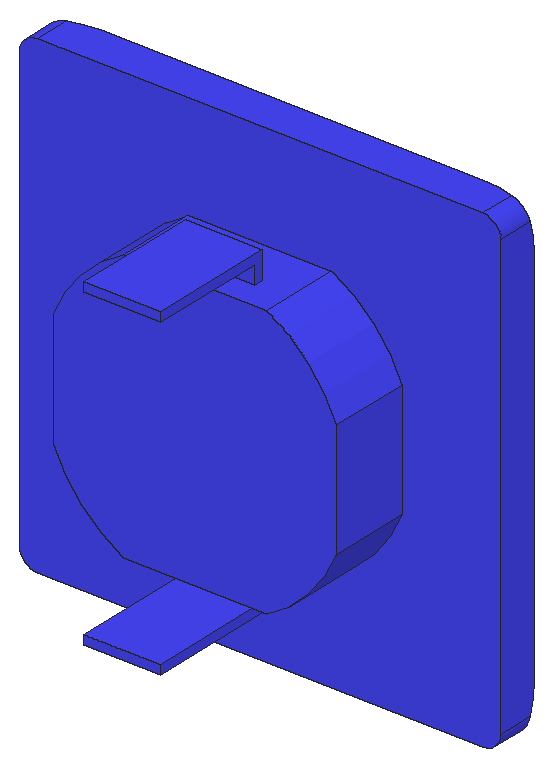
Revit family "IEK_РозеткаТелефонная_Встраиваемая_Одноместная IP20_ВЕГА", category Устройства связи, Revit 2019
Family settings
  Сохранять ориентацию аннотаций = Да
  Размер круглого соединителя = Использовать диаметр
  Тип детали = Нормальный
  На основе рабочей плоскости = Нет
  Всегда вертикально = Да
  При загрузке вырезать с полостями = Нет
  Общий = Нет
  Точка расчета площади = Нет
Parameters (values of type "РТ10-ВБ RJ11")
  Ширина = 81.5 mm  # constant formula
  Тип монтажа = "Встраиваемый"  # constant formula
  Степень защиты = "IP20"  # constant formula
  Изготовитель = "IEK"  # constant formula
  Дата изменения = ""
  Глубина = 42.2 mm  # constant formula
  Высота = 81 mm  # constant formula
  ΔХ [instance] = 2000 mm
  ΔY [instance] = 2000 mm
  KSI_CPr_Строительные изделия = ""
  KSI_CMa_Строительные материалы = "01.7.14.03"  # constant formula
  IEK_Цена за единицу = 110.75
  IEK_Поиск в таблице имен = ""
  IEK_Описание = "Электроустановочные изделия серии \"ВЕГА\" IEK включают в себя розетки и выключатели для скрытого монтажа, которые хорошо впишутся в любой интерьер квартир, загородных домов, офисных и производственных помещений."
  IEK_URL = "https://www.iek.ru/products/catalog/izdeliya_elektroustanovochnye_udliniteli_i_silovye_razemy/elektroustanovochnye_izdeliya/elektroustanovochnye_izdeliya_skrytogo_montazha/elektroustanovochnye_izdeliya_vega/rozetka_1_mestnaya_telefonnaya_rt10_vb_rj11_vega_belyy_iek"
  ADSK_Примечание = ""
  ADSK_Позиция [instance] = ""
  ADSK_Наименование = "Розетка 1-местная телефонная РТ10-ВБ RJ11 ВЕГА белый IEK"
  ADSK_Материал обозначение = ""
  ADSK_Материал наименование = "АБС-пластик"  # constant formula
  ADSK_Материал = Цвет белый
  ADSK_Масса = 0.041
  ADSK_Марка = "ВЕГА"  # constant formula
  ADSK_Код изделия = "ETV10-K01-DM"
  ADSK_Завод-изготовитель = "IEK"  # constant formula
  ADSK_Единица измерения = "шт"  # constant formula
  ADSK_Группирование = ""
  ADSK_Версия семейства = "1.00"  # constant formula
  ADSK_Версия Revit = "2019"  # constant formula
  ADSK_URL страницы изделия = "https://www.iek.ru/products/catalog/izdeliya_elektroustanovochnye_udliniteli_i_silovye_razemy/elektroustanovochnye_izdeliya/elektroustanovochnye_izdeliya_skrytogo_montazha/elektroustanovochnye_izdeliya_vega/?pagec=100"
Reference planes
  plane 1 "По центру (Вперед/Назад)": y = 0
  plane 2: z = 0
  plane 3 "По центру (Влево/Вправо)": x = 0
  plane 4 "Высота ножек": z = 280
  plane 5 "Высота": z = 2081.496
  plane 6: x = -2000
  plane 7: y = 2000
Forms (mm)
  Extrusion 1, solid, material "Цвет белый" <- "ADSK_Материал", detail levels fine
    sketch origin (0, 0, 40.187) x (-1, 0, 0) y (0, 0, 1)
      loop
        arc (-12.124, 23) -> (-19.255, 17.479) -> (-24, 9.811) r 25.342
        line (-24, 9.811) -> (-24, -9.811)
        arc (-24, -9.811) -> (-19.255, -17.479) -> (-12.124, -23) r 25.342
        line (-12.124, -23) -> (12.124, -23)
        arc (12.124, -23) -> (19.255, -17.479) -> (24, -9.811) r 25.342
        line (24, -9.811) -> (24, 9.811)
        arc (24, 9.811) -> (19.255, 17.479) -> (12.124, 23) r 25.342
        line (12.124, 23) -> (-12.124, 23)
    from 0 to -13.704
  Extrusion 2, solid, material "Цвет белый" <- "ADSK_Материал", detail levels fine
    sketch origin (0, 0, 40.187) x (-1, 0, 0) y (0, 0, 1)
      loop
        arc (-37.75, 40.813) -> (-39.871, 39.934) -> (-40.75, 37.813) r 3
        line (-40.75, 37.813) -> (-40.75, -37.25)
        arc (-40.75, -37.25) -> (-39.871, -39.371) -> (-37.75, -40.25) r 3
        line (-37.75, -40.25) -> (37.75, -40.25)
        arc (37.75, -40.25) -> (39.871, -39.371) -> (40.75, -37.25) r 3
        line (40.75, -37.25) -> (40.75, 37.813)
        arc (40.75, 37.813) -> (39.871, 39.934) -> (37.75, 40.813) r 3
        line (37.75, 40.813) -> (-37.75, 40.813)
    from 0 to 10
  Extrusion 3, void
    sketch origin (0, 0, 40.187) x (-1, 0, 0) y (0, 0, 1)
      loop
        line (5, -2.5) -> (5, 2.5) -> (3.46, 2.5) -> (3.46, 4.216) -> (1.531, 4.216) -> (1.531, 5.786) -> (0, 5.786) -> (-1.531, 5.786) -> (-1.531, 4.216) -> (-3.46, 4.216) -> (-3.46, 2.5) -> (-5, 2.5) -> (-5, -2.5) -> (5, -2.5)
    from 5 to 11.9
  Extrusion 4, solid, material "Цвет белый" <- "ADSK_Материал", detail levels fine
    sketch origin (-40.3, 9.274, 40.3) x (0, 0, -1) y (0, 1, 0)
      loop
        line (23.113, -17) -> (23.113, -18.5) -> (26, -18.5) -> (26, -38.474) -> (27.5, -38.474) -> (27.5, -17) -> (23.113, -17)
      loop
        line (-22.887, -17) -> (-27.5, -17) -> (-27.5, -38.474) -> (-26, -38.474) -> (-26, -18.5) -> (-22.887, -18.5) -> (-22.887, -17)
    from 33.8 to 46.8
  Extrusion 5, solid, material "Условный материал-отделка", detail levels coarse
    sketch origin (0, 0, 0) x (1, 0, 0) y (0, 1, 0)
      loop
        line (-40.75, 13) -> (-40.75, -29.2) -> (40.75, -29.2) -> (40.75, 13) -> (-40.75, 13)
    from 0 to 81
  Extrusion 6, solid, material "Условный материал-отделка", detail levels medium
    sketch origin (0, 1.1, 0) x (1, 0, 0) y (0, 1, 0)
      loop
        line (-40.75, 11.9) -> (-40.75, -30.3) -> (40.75, -30.3) -> (40.75, 11.9) -> (-40.75, 11.9)
    from 0 to 81
  Sweep 7, void
    path origin (0, 0, 0) x (1, 0, 0) y (0, 0, 1)
      loop
        line (32.71, 76) -> (-32.71, 76)
        arc (-32.71, 76) -> (-34.86, 75.11) -> (-35.75, 72.96) r 3.04
        line (-35.75, 72.96) -> (-35.75, 7.977)
        arc (-35.75, 7.977) -> (-34.86, 5.828) -> (-32.71, 4.937) r 3.04
        line (-32.71, 4.937) -> (32.71, 4.937)
        arc (32.71, 4.937) -> (34.86, 5.828) -> (35.75, 7.977) r 3.04
        line (35.75, 7.977) -> (35.75, 72.96)
        arc (35.75, 72.96) -> (34.86, 75.11) -> (32.71, 76) r 3.04
    profile origin (34.86, 0, 75.11) x (0.707107, 0, 0.707107) y (0, -1, 0)
      loop
        line (8.33, -5) -> (0, -10) -> (8.33, -10) -> (8.33, -5)
  Sweep 8, solid, material "Цвет белый" <- "ADSK_Материал", detail levels fine
    path origin (0, 0, 0) x (1, 0, 0) y (0, 0, 1)
      loop
        line (19, 63.187) -> (-19, 63.187)
        arc (-19, 63.187) -> (-22.536, 61.723) -> (-24, 58.187) r 5
        line (-24, 58.187) -> (-24, 22.187)
        arc (-24, 22.187) -> (-22.536, 18.652) -> (-19, 17.187) r 5
        line (-19, 17.187) -> (19, 17.187)
        arc (19, 17.187) -> (22.536, 18.652) -> (24, 22.187) r 5
        line (24, 22.187) -> (24, 58.187)
        arc (24, 58.187) -> (22.536, 61.723) -> (19, 63.187) r 5
    profile origin (0, 0, 63.187) x (0, 0, -1) y (0, -1, 0)
      loop
        line (0, -13) -> (0, -6.999) -> (-9.773, -6.999) -> (0, -13)
Cuts and joins
  Extrusion 3, Sweep 7 cuts Extrusion 2
Lines and regions (mm)
  reference lines
    curve 1: line (0, 32.62, 0) -> (0, -67.38, 0)
    curve 2: line (-40.265, 0, 0) -> (99.735, 0, 0)
Dimensions and locks
  locked: plane 4 "Высота ножек" to plane 2 at 280
  plane 5 "Высота" to plane 4 "Высота ножек" = 1801.496 mm
  "ΔХ": plane 6 to curve 1
  "ΔY": plane 7 to curve 2
  aligned and locked: level to plane 2
  aligned and locked: nested 1 to curve 1
  aligned and locked: curve 2 to nested 1
  aligned and locked: Extrusion 5 to Extrusion 6  (x2)
Automatic sketch dimensions
  plane 3 "По центру (Влево/Вправо)" to Extrusion 1 sketch curve = 24 mm
  plane 3 "По центру (Влево/Вправо)" to Extrusion 1 sketch curve = 12.124 mm  (x2)
  plane 3 "По центру (Влево/Вправо)" to Extrusion 1 sketch curve = 0.422 mm  (x2)
  Extrusion 1 sketch curve to plane 3 "По центру (Влево/Вправо)" = 0.422 mm  (x2)
  Extrusion 1 sketch curve to plane 3 "По центру (Влево/Вправо)" = 12.124 mm  (x2)
  Extrusion 1 sketch curve to Extrusion 1 sketch curve = 11.876 mm
  level to Extrusion 1 sketch curve = 17.187 mm
  Extrusion 1 sketch curve to Extrusion 1 sketch curve = 13.189 mm  (x2)
  Extrusion 1 sketch curve to Extrusion 1 sketch curve = 1.043 mm
  Extrusion 1 sketch curve to Extrusion 1 sketch curve = 0 mm
  Extrusion 1 sketch curve to Extrusion 1 sketch curve = 19.622 mm
  Extrusion 5 sketch curve to plane 3 "По центру (Влево/Вправо)" = 40.75 mm
  plane 3 "По центру (Влево/Вправо)" to Extrusion 5 sketch curve = 40.75 mm
  plane 1 "По центру (Вперед/Назад)" to Extrusion 5 sketch curve = 29.2 mm
  Extrusion 5 sketch curve to plane 1 "По центру (Вперед/Назад)" = 13 mm
  Extrusion 6 sketch curve to plane 3 "По центру (Влево/Вправо)" = 40.75 mm
  plane 3 "По центру (Влево/Вправо)" to Extrusion 6 sketch curve = 40.75 mm
  plane 1 "По центру (Вперед/Назад)" to Extrusion 6 sketch curve = 29.2 mm
  Extrusion 6 sketch curve to plane 1 "По центру (Вперед/Назад)" = 13 mm
  plane 1 "По центру (Вперед/Назад)" to Extrusion 4 sketch curve = 7.726 mm  (x2)
  level to Extrusion 4 sketch curve = 67.8 mm
  Extrusion 4 sketch curve to Extrusion 4 sketch curve = 1.5 mm  (x4)
  Extrusion 4 sketch curve to Extrusion 4 sketch curve = 3.113 mm
  level to Extrusion 4 sketch curve = 17.187 mm
  Extrusion 4 sketch curve to Extrusion 4 sketch curve = 2.887 mm
  Extrusion 4 sketch curve to Extrusion 4 sketch curve = 19.974 mm  (x2)
  level to Extrusion 2 sketch curve = 2.937 mm
  plane 3 "По центру (Влево/Вправо)" to Extrusion 2 sketch curve = 40.75 mm
  Extrusion 2 sketch curve to level = 0.063 mm
  Extrusion 2 sketch curve to Extrusion 2 sketch curve = 3 mm  (x2)
  Extrusion 2 sketch curve to plane 3 "По центру (Влево/Вправо)" = 37.75 mm  (x2)
  Extrusion 2 sketch curve to Extrusion 2 sketch curve = 75.063 mm
  Sweep 7 sketch curve to plane 3 "По центру (Влево/Вправо)" = 35.75 mm
  Sweep 7 sketch curve to Sweep 7 sketch curve = 3.04 mm  (x3)
  level to Sweep 7 sketch curve = 7.977 mm
  plane 3 "По центру (Влево/Вправо)" to Sweep 7 sketch curve = 32.71 mm  (x2)
  Sweep 7 sketch curve to Sweep 7 sketch curve = 64.984 mm
  Sweep 7 sketch curve to profile plane = 0 mm
  Sweep 7 sketch curve to Sweep 7 sketch curve = 8.33 mm
  Sweep 7 sketch curve to plane 1 "По центру (Вперед/Назад)" = 10 mm
  Sweep 7 sketch curve to plane 1 "По центру (Вперед/Назад)" = 5 mm
  Sweep 8 sketch curve to plane 3 "По центру (Влево/Вправо)" = 24 mm
  Sweep 8 sketch curve to Sweep 8 sketch curve = 5 mm  (x3)
  plane 3 "По центру (Влево/Вправо)" to Sweep 8 sketch curve = 19 mm  (x2)
  level to Sweep 8 sketch curve = 17.187 mm
  Sweep 8 sketch curve to Sweep 8 sketch curve = 36 mm
  Sweep 8 sketch curve to profile plane = 0 mm
  Sweep 8 sketch curve to plane 1 "По центру (Вперед/Назад)" = 13 mm
  Sweep 8 sketch curve to Sweep 8 sketch curve = 6.001 mm
  profile plane to Sweep 8 sketch curve = 9.773 mm
  Extrusion 3 sketch curve to plane 3 "По центру (Влево/Вправо)" = 0 mm
  plane 3 "По центру (Влево/Вправо)" to Extrusion 3 sketch curve = 1.531 mm
  Extrusion 3 sketch curve to Extrusion 3 sketch curve = 1.93 mm  (x2)
  Extrusion 3 sketch curve to Extrusion 3 sketch curve = 1.54 mm  (x2)
  Extrusion 3 sketch curve to plane 3 "По центру (Влево/Вправо)" = 1.531 mm
  level to Extrusion 3 sketch curve = 37.687 mm
  Extrusion 3 sketch curve to Extrusion 3 sketch curve = 5 mm  (x2)
  Extrusion 3 sketch curve to Extrusion 3 sketch curve = 1.716 mm  (x2)
  Extrusion 3 sketch curve to Extrusion 3 sketch curve = 1.571 mm
  curve 2 to plane 3 "По центру (Влево/Вправо)" = 40.265 mm
  plane 3 "По центру (Влево/Вправо)" to curve 2 = 99.735 mm
  plane 1 "По центру (Вперед/Назад)" to curve 1 = 67.38 mm
  curve 1 to plane 1 "По центру (Вперед/Назад)" = 32.62 mm
Nested families
  nested 1: "УГО Розетки связистской" at (0, 0, 0), type "Розетка телефонная", detail levels coarse+medium
Connectors
  electrical at (0, -8.1, 0)
    settings: on Extrusion 5, index 1, voltage 0 V, apparent load 0 VA, apparent load phase1 0 VA, apparent load phase2 0 VA, apparent load phase3 0 VA, power factor 1, load classification "Прочее", number of poles 1, system type 9, power factor state 1, is connector primary yes, connector utility no, sub classification motor no, connector description ""
Definition of nested family "УГО Розетки связистской"
  Parameters (values of type "Розетка телефонная")
    Розетка телефонная = yes
    Розетка сетевая (Интернет) = no
    Розетка сетевая и телефонная = no
    Розетка телевизионная = no
  Types (4, lengths in mm): name | Розетка телефонная | Розетка сетевая (Интернет) | Розетка сетевая и телефонная | Розетка телевизионная
    Розетка телевизионная | no | no | no | yes
    Розетка сетевая (Интернет) | no | yes | no | no
    Розетка сетевая и телефонная | no | no | yes | no
    Розетка телефонная | yes | no | no | no
  Reference planes
    plane 1: y = 0
    plane 2: x = 0
  Lines and regions (mm)
    Filled region 1, type "Цветовая область 1", visible <- "Розетка телефонная"
      outline origin (0, 0, 0) x (1, 0, 0) y (0, 1, 0)
        loop
          line (-0.512, 1.977) -> (-0.512, 3.023) -> (-1.53, 3.023) -> (-1.53, 1.977) -> (-0.512, 1.977)
        loop
          line (0.512, 1.977) -> (1.53, 1.977) -> (1.53, 3.023) -> (0.512, 3.023) -> (0.512, 1.977)
    Filled region 2, type "Цветовая область 1", visible <- "Розетка телефонная", not visible
      outline origin (0, 0, 0) x (1, 0, 0) y (0, 1, 0)
        loop
          line (8.078, 7.617) -> (8.078, 8.664) -> (7.06, 8.664) -> (7.06, 7.617) -> (8.078, 7.617)
        loop
          line (9.101, 7.617) -> (10.119, 7.617) -> (10.119, 8.664) -> (9.101, 8.664) -> (9.101, 7.617)
    Filled region 3, type "Цветовая область 1", visible <- "Розетка сетевая и телефонная"
      outline origin (0, 0, 0) x (1, 0, 0) y (0, 1, 0)
        loop
          line (0.994, 4) -> (0.994, 3) -> (1.994, 3) -> (1.994, 4) -> (0.994, 4)
        loop
          line (3.019, 3) -> (4.019, 3) -> (4.019, 4) -> (3.019, 4) -> (3.019, 3)
    Filled region 4, type "Цветовая область 1", visible <- "Розетка сетевая и телефонная", not visible
      outline origin (0, 0, 0) x (1, 0, 0) y (0, 1, 0)
        loop
          line (28.769, 14.987) -> (28.769, 13.987) -> (29.769, 13.987) -> (29.769, 14.987) -> (28.769, 14.987)
        loop
          line (30.794, 13.987) -> (31.794, 13.987) -> (31.794, 14.987) -> (30.794, 14.987) -> (30.794, 13.987)
    detail lines
      curve 1: line (0.006, 0, 0) -> (0.006, 2.454, 0)
      curve 2: line (0.006, 0, 0) -> (2.217, 0, 0)
    detail lines, visible <- "Розетка сетевая (Интернет)", not visible
      curve 3: line (2.5, 1.221, 0) -> (-2.5, 1.221, 0)
      curve 4: line (2.5, 6.221, 0) -> (-2.5, 6.221, 0)
      curve 5: line (0, 6.221, 0) -> (-2.5, 1.221, 0)
      curve 6: line (0, 6.221, 0) -> (2.5, 1.221, 0)
    detail lines, visible <- "Розетка телевизионная", not visible
      curve 7: line (19.458, 13.285, 0) -> (24.458, 13.285, 0)
      curve 8: line (19.458, 8.285, 0) -> (24.458, 8.285, 0)
      curve 9: line (21.958, 13.285, 0) -> (19.458, 8.285, 0)
      curve 10: line (21.958, 13.285, 0) -> (24.458, 8.285, 0)
    detail lines, visible <- "Розетка сетевая (Интернет)"
      curve 11: line (2.506, 0, 0) -> (-2.494, 0, 0)
      curve 12: line (2.506, 5, 0) -> (-2.494, 5, 0)
      curve 13: line (0.006, 5, 0) -> (-2.494, 0, 0)
      curve 14: line (0.006, 5, 0) -> (2.506, 0, 0)
    detail lines, visible <- "Розетка телевизионная"
      curve 15: line (-2.494, 5, 0) -> (2.506, 5, 0)
      curve 16: line (-2.494, 0, 0) -> (2.506, 0, 0)
      curve 17: line (0.006, 5, 0) -> (-2.494, 0, 0)
      curve 18: line (0.006, 5, 0) -> (2.506, 0, 0)
    detail lines, visible <- "Розетка телефонная"
      curve 19: circle (0.006, 2.5, 0) r 2.5 normal (0, 0, 1)
      curve 21: line (-1.53, 3.023, 0) -> (-1.53, 1.977, 0)
      curve 22: line (-1.53, 1.977, 0) -> (-0.512, 1.977, 0)
      curve 23: line (-0.512, 1.977, 0) -> (-0.512, 3.023, 0)
      curve 24: line (-0.512, 3.023, 0) -> (-1.53, 3.023, 0)
      curve 25: line (1.53, 3.023, 0) -> (1.53, 1.977, 0)
      curve 26: line (1.53, 1.977, 0) -> (0.512, 1.977, 0)
      curve 27: line (0.512, 1.977, 0) -> (0.512, 3.023, 0)
      curve 28: line (0.512, 3.023, 0) -> (1.53, 3.023, 0)
    detail lines, visible <- "Розетка телефонная", not visible
      curve 20: circle (8.596, 8.14, 0) r 2.5 normal (0, 0, 1)
      curve 29: line (7.06, 8.664, 0) -> (7.06, 7.617, 0)
      curve 30: line (7.06, 7.617, 0) -> (8.078, 7.617, 0)
      curve 31: line (8.078, 7.617, 0) -> (8.078, 8.664, 0)
      curve 32: line (8.078, 8.664, 0) -> (7.06, 8.664, 0)
      curve 33: line (10.119, 8.664, 0) -> (10.119, 7.617, 0)
      curve 34: line (10.119, 7.617, 0) -> (9.101, 7.617, 0)
      curve 35: line (9.101, 7.617, 0) -> (9.101, 8.664, 0)
      curve 36: line (9.101, 8.664, 0) -> (10.119, 8.664, 0)
    detail lines, visible <- "Розетка сетевая и телефонная"
      curve 37: line (-5.994, 7, 0) -> (6.006, 7, 0)
      curve 38: line (-5.994, 0, 0) -> (-5.994, 7, 0)
      curve 39: line (6.006, 0, 0) -> (-5.994, 0, 0)
      curve 40: line (6.006, 7, 0) -> (6.006, 0, 0)
      curve 41: line (-4.994, 1, 0) -> (0.006, 1, 0)
      curve 42: line (-2.474, 6, 0) -> (-4.994, 1, 0)
      curve 43: line (-2.474, 6, 0) -> (0.006, 1, 0)
      curve 44: circle (2.506, 3.5, 0) r 2.5 normal (0, 0, 1)
      curve 45: line (-4.994, 6, 0) -> (0.006, 6, 0)
      curve 46: line (0.994, 4, 0) -> (0.994, 3, 0)
      curve 47: line (0.994, 3, 0) -> (1.994, 3, 0)
      curve 48: line (1.994, 3, 0) -> (1.994, 4, 0)
      curve 49: line (1.994, 4, 0) -> (0.994, 4, 0)
      curve 50: line (4.019, 4, 0) -> (4.019, 3, 0)
      curve 51: line (4.019, 3, 0) -> (3.019, 3, 0)
      curve 52: line (3.019, 3, 0) -> (3.019, 4, 0)
      curve 53: line (3.019, 4, 0) -> (4.019, 4, 0)
    detail lines, visible <- "Розетка сетевая и телефонная", not visible
      curve 54: line (21.782, 17.987, 0) -> (33.782, 17.987, 0)
      curve 55: line (21.782, 10.987, 0) -> (21.782, 17.987, 0)
      curve 56: line (33.782, 10.987, 0) -> (21.782, 10.987, 0)
      curve 57: line (33.782, 17.987, 0) -> (33.782, 10.987, 0)
      curve 58: line (22.782, 11.987, 0) -> (27.782, 11.987, 0)
      curve 59: line (25.301, 16.987, 0) -> (22.782, 11.987, 0)
      curve 60: line (25.301, 16.987, 0) -> (27.782, 11.987, 0)
      curve 61: circle (30.282, 14.487, 0) r 2.5 normal (0, 0, 1)
      curve 62: line (22.782, 16.987, 0) -> (27.782, 16.987, 0)
      curve 63: line (28.769, 14.987, 0) -> (28.769, 13.987, 0)
      curve 64: line (28.769, 13.987, 0) -> (29.769, 13.987, 0)
      curve 65: line (29.769, 13.987, 0) -> (29.769, 14.987, 0)
      curve 66: line (29.769, 14.987, 0) -> (28.769, 14.987, 0)
      curve 67: line (31.794, 14.987, 0) -> (31.794, 13.987, 0)
      curve 68: line (31.794, 13.987, 0) -> (30.794, 13.987, 0)
      curve 69: line (30.794, 13.987, 0) -> (30.794, 14.987, 0)
      curve 70: line (30.794, 14.987, 0) -> (31.794, 14.987, 0)
  Text (mm)
    text "TV" at (20.688, 11.147, 0), visible <- "Розетка телевизионная", not visible
    text "TV" at (-1.264, 2.862, 0), visible <- "Розетка телевизионная"
